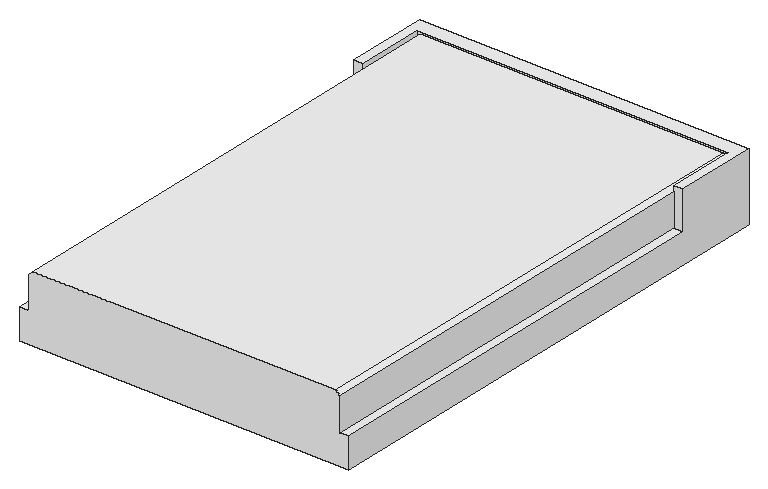
Revit family "Wall-Plate_Leviton_Weather-Resistant-Vertical-Flip", category Specialty Equipment, Revit 2026
Family settings
  Round Connector Dimension = Use Diameter
  Part Type = Normal
  Work Plane-Based = Yes
  Enable Cutting in Views = No
  Always vertical = No
  Cut with Voids When Loaded = No
  Maintain Annotation Orientation = No
  Shared = No
  Room Calculation Point = No
Parameters
  offset [instance] = 0' - 0"
  Warranty Duration (Years) = 0
  Wall Plate Finish = Thermoplastic - Leviton - White
  Voltage_MEP = 0 V
  Unit Width = 0' - 3"
  Unit Height = 0' - 4 9/16"
  Unit Depth = 0' - 0 5/8"
  URL = "http://www.leviton.com/OA_HTML/Home.jsp?minisite=10251&respid=22372"
  Termination = "as Specified"
  Standard Size = yes
  Specification = ""
  SpecWizard = ""
  Send Message = "http://www.arcat.com/users.pl?action=UserEmail&company=Leviton+Mfg.+Co.,+Inc.&coid=41690&rep=117&fax=631-812-6252&mf="
  Sales Information = "http://www.leviton.com/OA_HTML/SectionDisplay.jsp?section=37579&minisite=10251"
  Revision = "R1_10-2012"
  Product Properties = ""
  Product Data = "http://arcat.com/arcatcos/cos41/arc41690.html?isac=1&r=1"
  Oversized = yes
  One Gang = yes
  Number of Poles = 1
  Model = "As Specified"
  Midway Size = yes
  Manufacturer Website = "http://www.leviton.com/OA_HTML/Home.jsp?minisite=10251&respid=22372"
  Manufacturer Phone - Toll Free = "800-323-8920"
  Manufacturer Phone = ""
  Manufacturer Fax = "631-812-6252"
  Manufacturer Address = "201 N. Service Rd. Melville, NY 11747"
  Manufacturer = "Leviton Mfg. Co., Inc."
  Maintenance Schedule (Months) = 0
  MEP Apparent Power = 0 VA
  MEP Amperage = 0 A
  Keynote = "16140"
  Installation-Fabrication = ""
  Installation Phase = "Electrical Wiring"
  Grounding = "as Specified"
  Green Building-LEED = ""
  Expected Lifespan (Years) = 0
  Drawn By = "Sumex Design, Inc. / Robert S. Weygant, CSI, CDT, SCIP"
  Description = "Leviton Product as Specified"
  Default Elevation = 4' - 0"
  Copyright = "©Arcat Inc."
  Construction Details = ""
  Assembly Code = "D5020100"
Reference planes (in)
  plane 1 "Center (Front/Back)": y = 0
  plane 2 "Bottom": z = 0
  plane 3 "Center (Left/Right)": x = 0
  plane 4 "Front": y = -2.28125
  plane 5 "Back": y = 2.28125
  plane 6 "Left": x = -1.5
  plane 7 "Right": x = 1.5
  plane 8 "Top": z = 0.625
  plane 9: y = 0
  plane 10: x = -0.1405
  plane 11: x = 0.0625
  plane 12: x = 0.2655
Forms (in)
  Extrusion 1, solid, material "Thermoplastic - Leviton - White" <- "Wall Plate Finish"
    sketch origin (0, 0, 0) x (1, 0, 0) y (0, 1, 0)
      loop
        line (-1.5, 2.28125) -> (-1.5, -2.28125) -> (1.5, -2.28125) -> (1.5, 2.28125) -> (-1.5, 2.28125)
    from 0 to 0.27647
  Extrusion 2, solid, material "Thermoplastic - Leviton - White" <- "Wall Plate Finish"
    sketch origin (0, 0, 0) x (1, 0, 0) y (0, 1, 0)
      loop
        line (-1.5, 2.28125) -> (-1.5, 1.53125) -> (-1.4195, 1.53125) -> (-1.4195, 2.14331) -> (1.4195, 2.14331) -> (1.4195, 1.53125) -> (1.5, 1.53125) -> (1.5, 2.28125) -> (-1.5, 2.28125)
    from 0.27647 to 0.625
  Extrusion 3, solid, material "Thermoplastic - Leviton - White" <- "Wall Plate Finish"
    sketch origin (0, 0, 0) x (1, 0, 0) y (0, 0, 1)
      loop
        line (-1.4195, 0.27647) -> (1.4195, 0.27647) -> (1.4195, 0.57334) -> (1.38346, 0.60938) -> (-1.38346, 0.60938) -> (-1.4195, 0.57334) -> (-1.4195, 0.27647)
    from -2.14331 to 2.28125
Cuts and joins
  joined: Extrusion 1, Extrusion 2, Extrusion 3
Dimensions and locks (in)
  equal spacing: plane 6 "Left", plane 3 "Center (Left/Right)", plane 7 "Right"
  "Unit Width": plane 6 "Left" to plane 7 "Right"
  equal spacing: plane 5 "Back", plane 1 "Center (Front/Back)", plane 4 "Front"
  "Unit Height": plane 5 "Back" to plane 4 "Front"
  "Unit Depth": plane 8 "Top" to level
  locked: plane 9 to plane 1 "Center (Front/Back)"
  equal spacing: plane 10, plane 11, plane 12
  locked: plane 10 to plane 12 at 0.406
  locked: plane 6 "Left" to plane 11 at 1.5625
  aligned and locked: Extrusion 1 sketch curve to plane 5 "Back"
  aligned and locked: Extrusion 1 sketch curve to plane 7 "Right"
  aligned and locked: plane 6 "Left" to Extrusion 1 sketch curve
  aligned and locked: plane 4 "Front" to Extrusion 1 sketch curve
  aligned: Extrusion 3 to cut or joined group of Extrusion 1, Extrusion 2, Extrusion 3
  aligned: Extrusion 3 to plane 4 "Front"
Automatic sketch dimensions
  Extrusion 2 sketch curve to plane 6 "Left" = 0' - 0"
  Extrusion 2 sketch curve to plane 5 "Back" = 0' - 0"
  Extrusion 2 sketch curve to plane 7 "Right" = 0' - 0"
  Extrusion 2 sketch curve to Extrusion 2 sketch curve = 0' - 0.0805"
  Extrusion 2 sketch curve to plane 7 "Right" = 0' - 0.0805"
  Extrusion 2 sketch curve to plane 5 "Back" = 0' - 0.13794"
  Extrusion 2 sketch curve to Extrusion 2 sketch curve = 0' - 0.61206"  (x2)
  plane 6 "Left" to Extrusion 3 sketch curve = 0' - 0.0805"
  Extrusion 3 sketch curve to plane 8 "Top" = 0' - 0 1/64"
  Extrusion 3 sketch curve to Extrusion 3 sketch curve = 0' - 0.03604"  (x4)
  Extrusion 3 sketch curve to plane 7 "Right" = 0' - 0.11654"
  level to Extrusion 3 sketch curve = 0' - 0.27647"
